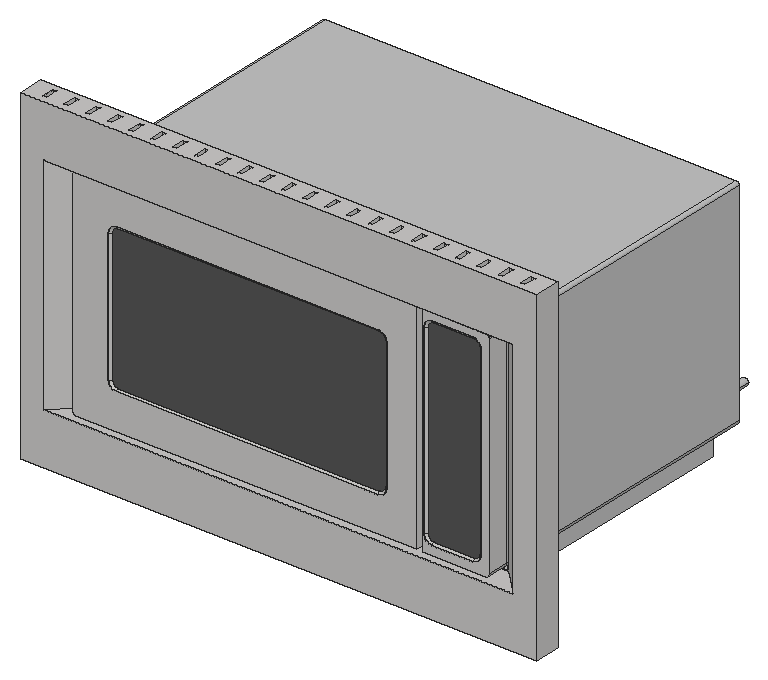
Revit family "FP_Revit_18_MO-24SS-2_w_MOTTK30SS_Microwave_w_Trimkit_90000929A", category Specialty Equipment, Revit 2018
Family settings
  Round Connector Dimension = Use Diameter
  Part Type = Normal
  OmniClass Number = 23.40.40.14.17.31
  OmniClass Title = Small Specialized Cooking Equipment
  Work Plane-Based = No
  Always vertical = Yes
  Cut with Voids When Loaded = Yes
  Shared = No
  Room Calculation Point = No
Parameters
  Visibility - Clearance Required = yes
  URL = "www.fisherpaykel.com"
  Product - Width = 754 mm
  Product - Height = 479 mm
  Product - Depth = 490 mm
  Model = "MO-24SS-2 + MOTTK-30SS"
  Material - Glass = Fisher & Paykel - Glass, Black
  Material - Front = Fisher & Paykel - Stainless Steel
  Material - Body = Fisher & Paykel - Grey
  Manufacturer = "Fisher & Paykel Appliances"
  FFL Offset [instance] = 860 mm
  Description = "MO-24SS-2 Microwave + MOTTK-30SS Trimkit"
  Connector Description - Electrical = "120 V, 60 Hz, 15 A"
  Chassis - Width = 629 mm
  Chassis - Height = 395 mm
  Chassis - Depth = 452 mm
  Cavity - Width = 629 mm
  Cavity - Height = 432 mm
  Cavity - Depth = 508 mm
Reference planes
  plane 1 "Datum": y = 0
  plane 2: z = 0
  plane 3 "Center (Left/Right)": x = 0
  plane 4 "FFL Offset": z = 860
  plane 5 "Product - Depth": y = 452
  plane 6 "Cavity - Depth": y = 508
Forms (mm)
  Extrusion 1, void
    sketch origin (0, 0, 0) x (0, 1, 0) y (0, 0, 1)
      loop
        line (0, 1291.987) -> (0, 859.987) -> (508, 859.987) -> (508, 1291.987) -> (0, 1291.987)
    from -314.5 to 314.5
Text (mm)
  text "Due to ongoing product development, product details are subject to change without notice. \nPlease always refer to www.fisherpaykel.com for the most current product information. \n© Fisher & Paykel 2020" at (39.334, -111.952, 0), in view "Ref. Level (Plan)"
Dimensions and locks
  "FFL Offset": plane 4 "FFL Offset" to level
  "Cavity - Depth": plane 6 "Cavity - Depth" to plane 1 "Datum"
  "Chassis - Depth": plane 1 "Datum" to plane 5 "Product - Depth"
  "Cavity - Width": Extrusion 1 to Extrusion 1
  equal spacing: Extrusion 1, plane 3 "Center (Left/Right)", Extrusion 1
  nested 2 to nested 2 = 754 mm
  nested 1 to plane 5 "Product - Depth" = 485 mm
  locked: nested 1 to plane 4 "FFL Offset" at 59.145
  aligned and locked: level to plane 2
  aligned and locked: plane 1 "Datum" to nested 2
  aligned and locked: nested 2 to plane 4 "FFL Offset"
  aligned and locked: plane 6 "Cavity - Depth" to nested 2
  aligned and locked: Extrusion 1 sketch curve to nested 2  (x4)
Nested families
  nested 1: "FP_Revit_18_MO-24SS-2_Microwave_90000929A" at (0, -33, 888.62), type "FP_Revit_18_MO-24SS-2_Microwave_90000929A"
    with FFL Offset 8.3 mm
  nested 2: "FP_Revit_18_MOTTK-30SS_Trimkit_90001191A" at (0, 0, 860), type "FP_Revit_18_MOTTK-30SS_Trimkit_90001191A"
    with FFL Offset 0 mm
Connectors
  electrical at (289.33, 452, 957.16), driven by "Connector Description - Electrical"
    settings: on nested 1, index 3, voltage 120 V, apparent load 0 VA, apparent load phase1 0 VA, apparent load phase2 0 VA, apparent load phase3 0 VA, power factor 1, load classification "Other", number of poles 1, system type 30, power factor state 1, is connector primary yes, connector utility no, sub classification motor no, connector description "120 V, 60 Hz, 15 A"
Definition of nested family "FP_Revit_18_MO-24SS-2_Microwave_90000929A"
  Parameters (values of type "FP_Revit_18_MO-24SS-2_Microwave_90000929A")
    Visibility - Clearance Required = yes
    URL = "www.fisherpaykel.com"
    Product - Width = 609 mm  # constant formula
    Product - Height = 340 mm  # constant formula
    Product - Depth = 485 mm  # constant formula
    Model = "MO-24SS-2"
    Material - Glass = none
    Material - Front = none
    Material - Body = none
    Manufacturer = "Fisher & Paykel Appliances"
    FFL Offset [instance] = 860 mm
    Description = "24\" Microwave"
    Connector Note - Electrical = "120 V, 60 Hz, 15 A"
  Reference planes
    plane 1 "Datum": y = 0
    plane 2: z = 0
    plane 3 "Center (Left/Right)": x = 0
    plane 4 "Top": z = 1200
    plane 5 "Product LHS": x = -304.5
    plane 6 "Product RHS": x = 304.5
    plane 7 "Product - Depth": y = 485
    plane 8 "FFL Offset": z = 860
    plane 9 "Base": z = 882.225
  Forms (mm)
    Extrusion 1, solid, material <- "Material - Front"
      sketch origin (0, 0, 0) x (1, 0, 0) y (0, 0, 1)
        loop
          arc (-299.5, 1200) -> (-303.036, 1198.536) -> (-304.5, 1195) r 5
          line (-304.5, 1195) -> (-304.5, 887.225)
          arc (-304.5, 887.225) -> (-303.036, 883.689) -> (-299.5, 882.225) r 5
          line (-299.5, 882.225) -> (299.5, 882.225)
          arc (299.5, 882.225) -> (303.036, 883.689) -> (304.5, 887.225) r 5
          line (304.5, 887.225) -> (304.5, 1195)
          arc (304.5, 1195) -> (303.036, 1198.536) -> (299.5, 1200) r 5
          line (299.5, 1200) -> (-299.5, 1200)
        loop
          arc (-240.72, 1149.623) -> (-249.205, 1146.109) -> (-252.72, 1137.623) r 12
          line (-252.72, 1137.623) -> (-252.72, 945.723)
          arc (-252.72, 945.723) -> (-249.205, 937.238) -> (-240.72, 933.723) r 12
          line (-240.72, 933.723) -> (141.68, 933.723)
          arc (141.68, 933.723) -> (150.165, 937.238) -> (153.68, 945.723) r 12
          line (153.68, 945.723) -> (153.68, 1137.623)
          arc (153.68, 1137.623) -> (150.165, 1146.109) -> (141.68, 1149.623) r 12
          line (141.68, 1149.623) -> (-240.72, 1149.623)
        loop
          arc (220.29, 1188.422) -> (211.805, 1184.907) -> (208.29, 1176.422) r 12
          line (208.29, 1176.422) -> (208.29, 906.925)
          arc (208.29, 906.925) -> (211.805, 898.44) -> (220.29, 894.925) r 12
          line (220.29, 894.925) -> (279.63, 894.925)
          arc (279.63, 894.925) -> (288.115, 898.44) -> (291.63, 906.925) r 12
          line (291.63, 906.925) -> (291.63, 1176.422)
          arc (291.63, 1176.422) -> (288.115, 1184.907) -> (279.63, 1188.422) r 12
          line (279.63, 1188.422) -> (220.29, 1188.422)
      from -30.162 to 0
    Extrusion 2, void
      sketch origin (0, 0, 0) x (1, 0, 0) y (0, 1, 0)
        loop
          line (200.353, 30.162) -> (197.714, 0) -> (206.166, 0) -> (203.528, 30.162) -> (200.353, 30.162)
      from 860 to 1200
    Extrusion 3, solid, material <- "Material - Glass"
      sketch origin (0, 0, 0) x (1, 0, 0) y (0, 0, 1)
        loop
          arc (-240.72, 1149.623) -> (-249.205, 1146.109) -> (-252.72, 1137.623) r 12
          line (-252.72, 1137.623) -> (-252.72, 945.723)
          arc (-252.72, 945.723) -> (-249.205, 937.238) -> (-240.72, 933.723) r 12
          line (-240.72, 933.723) -> (141.68, 933.723)
          arc (141.68, 933.723) -> (150.165, 937.238) -> (153.68, 945.723) r 12
          line (153.68, 945.723) -> (153.68, 1137.623)
          arc (153.68, 1137.623) -> (150.165, 1146.109) -> (141.68, 1149.623) r 12
          line (141.68, 1149.623) -> (-240.72, 1149.623)
        loop
          line (278.84, 1188.422) -> (220.29, 1188.422)
          arc (220.29, 1188.422) -> (211.805, 1184.907) -> (208.29, 1176.422) r 12
          line (208.29, 1176.422) -> (208.29, 906.925)
          arc (208.29, 906.925) -> (211.805, 898.44) -> (220.29, 894.925) r 12
          line (220.29, 894.925) -> (278.84, 894.925)
          arc (278.84, 894.925) -> (287.325, 898.44) -> (290.84, 906.925) r 12
          line (290.84, 906.925) -> (290.84, 1176.422)
          arc (290.84, 1176.422) -> (287.325, 1184.907) -> (278.84, 1188.422) r 12
      from -30.162 to -3.175
    Extrusion 4, solid, material <- "Material - Body"
      sketch origin (0, 0, 0) x (1, 0, 0) y (0, 0, 1)
        loop
          arc (-299.5, 1200) -> (-303.036, 1198.536) -> (-304.5, 1195) r 5
          line (-304.5, 1195) -> (-304.5, 887.225)
          arc (-304.5, 887.225) -> (-303.036, 883.689) -> (-299.5, 882.225) r 5
          line (-299.5, 882.225) -> (299.5, 882.225)
          arc (299.5, 882.225) -> (303.036, 883.689) -> (304.5, 887.225) r 5
          line (304.5, 887.225) -> (304.5, 1195)
          arc (304.5, 1195) -> (303.036, 1198.536) -> (299.5, 1200) r 5
          line (299.5, 1200) -> (-299.5, 1200)
      from -455.232 to -30.162
    Extrusion 5, solid, material <- "Material - Body"
      sketch origin (0, 0, 0) x (1, 0, 0) y (0, 1, 0)
        loop
          circle (-265.42, 93.98) r 6.002
        loop
          circle (-265.42, 385.445) r 6
        loop
          circle (231.447, 93.98) r 6.002
        loop
          circle (231.447, 385.445) r 6
      from 860 to 865.8
    Extrusion 6, solid, material <- "Material - Body"
      sketch origin (0, 0, 0) x (1, 0, 0) y (0, 0, 1)
        loop
          line (96.984, 1120.391) -> (-211.264, 1120.391)
          arc (-211.264, 1120.391) -> (-212.678, 1119.805) -> (-213.264, 1118.391) r 2
          line (-213.264, 1118.391) -> (-213.264, 966.353)
          arc (-213.264, 966.353) -> (-212.678, 964.939) -> (-211.264, 964.353) r 2
          line (-211.264, 964.353) -> (96.984, 964.353)
          arc (96.984, 964.353) -> (98.398, 964.939) -> (98.984, 966.353) r 2
          line (98.984, 966.353) -> (98.984, 1118.391)
          arc (98.984, 1118.391) -> (98.398, 1119.805) -> (96.984, 1120.391) r 2
      from -485 to -455.232
    Extrusion 7, solid, material <- "Material - Body"
      sketch origin (0, 0, 0) x (1, 0, 0) y (0, 0, 1)
        loop
          circle (289.33, 920.24) r 5
      from -485 to -455.232
    Extrusion 8, solid, material <- "Material - Body"
      sketch origin (0, 0, 0) x (1, 0, 0) y (0, 1, 0)
        loop
          arc (-264.98, 403.987) -> (-278.402, 398.427) -> (-283.962, 385.005) r 18.982
          line (-283.962, 385.005) -> (-283.962, 94.438)
          arc (-283.962, 94.438) -> (-278.397, 81.003) -> (-264.962, 75.438) r 19
          line (-264.962, 75.438) -> (230.99, 75.438)
          arc (230.99, 75.438) -> (244.425, 81.003) -> (249.99, 94.438) r 19
          line (249.99, 94.438) -> (249.99, 384.987)
          arc (249.99, 384.987) -> (244.425, 398.422) -> (230.99, 403.987) r 19
          line (230.99, 403.987) -> (-264.98, 403.987)
      from 865.8 to 882.225
    Sweep 9, solid, material <- "Material - Body", detail levels fine
      path in 3D
        loop
          arc (230.99, 403.987, 865.8) -> (244.425, 398.422, 865.8) -> (249.99, 384.987, 865.8) r 19
          line (249.99, 384.987, 865.8) -> (249.99, 94.438, 865.8)
          arc (249.99, 94.438, 865.8) -> (244.425, 81.003, 865.8) -> (230.99, 75.438, 865.8) r 19
          line (230.99, 75.438, 865.8) -> (-264.962, 75.438, 865.8)
          arc (-264.962, 75.438, 865.8) -> (-278.397, 81.003, 865.8) -> (-283.962, 94.438, 865.8) r 19
          line (-283.962, 94.438, 865.8) -> (-283.962, 385.005, 865.8)
          arc (-283.962, 385.005, 865.8) -> (-278.402, 398.427, 865.8) -> (-264.98, 403.987, 865.8) r 18.982
          line (-264.98, 403.987, 865.8) -> (230.99, 403.987, 865.8)
      profile origin (-16.995, 403.987, 865.8) x (0, -1, 0) y (0, 0, -1)
        loop
          line (0, 0) -> (-16.383, -16.383) -> (0, -16.383) -> (0, 0)
    Sweep 10, solid, material <- "Material - Body", detail levels fine
      path in 3D
        loop
          arc (98.984, 485, 966.353) -> (98.398, 485, 964.939) -> (96.984, 485, 964.353) r 2
          line (96.984, 485, 964.353) -> (-211.264, 485, 964.353)
          arc (-211.264, 485, 964.353) -> (-212.678, 485, 964.939) -> (-213.264, 485, 966.353) r 2
          line (-213.264, 485, 966.353) -> (-213.264, 485, 1118.391)
          arc (-213.264, 485, 1118.391) -> (-212.678, 485, 1119.805) -> (-211.264, 485, 1120.391) r 2
          line (-211.264, 485, 1120.391) -> (96.984, 485, 1120.391)
          arc (96.984, 485, 1120.391) -> (98.398, 485, 1119.805) -> (98.984, 485, 1118.391) r 2
          line (98.984, 485, 1118.391) -> (98.984, 485, 966.353)
      profile origin (98.984, 485, 1042.372) x (1, 0, 0) y (0, 1, 0)
        loop
          line (0, 0) -> (0, -29.768) -> (29.768, -29.768) -> (0, 0)
    Extrusion 11, solid, material <- "Material - Body"
      sketch origin (0, 0, 0) x (0, 1, 0) y (0, 0, 1)
        loop
          line (455.232, 1161.122) -> (455.232, 1126.122) -> (485, 1126.122) -> (485, 1144.088) -> (472.394, 1144.088) -> (462.231, 1161.122) -> (455.232, 1161.122)
      from 198.54 to 223.54
    Extrusion 12, solid, material <- "Material - Body"
      sketch origin (0, 0, 0) x (1, 0, 0) y (0, 1, 0)
        loop
          circle (211.04, 463.813) r 4.95
      from 1021.1 to 1126.122
    Extrusion 13, void
      sketch origin (0, 0, 0) x (1, 0, 0) y (0, 1, 0)
        loop
          line (-304.5, 485) -> (-304.5, 0) -> (304.5, 0) -> (304.5, 485) -> (-304.5, 485)
      from 860 to 1200
    Sweep 14, solid, material <- "Material - Front", detail levels fine
      path in 3D
        loop
          arc (-252.72, 0, 1137.623) -> (-249.205, 0, 1146.109) -> (-240.72, 0, 1149.623) r 12
          line (-240.72, 0, 1149.623) -> (141.68, 0, 1149.623)
          arc (141.68, 0, 1149.623) -> (150.165, 0, 1146.109) -> (153.68, 0, 1137.623) r 12
          line (153.68, 0, 1137.623) -> (153.68, 0, 945.723)
          arc (153.68, 0, 945.723) -> (150.165, 0, 937.238) -> (141.68, 0, 933.723) r 12
          line (141.68, 0, 933.723) -> (-240.72, 0, 933.723)
          arc (-240.72, 0, 933.723) -> (-249.205, 0, 937.238) -> (-252.72, 0, 945.723) r 12
          line (-252.72, 0, 945.723) -> (-252.72, 0, 1137.623)
      profile origin (-252.72, 0, 1041.673) x (0, -1, 0) y (1, 0, 0)
        loop
          line (0, 0) -> (-3.175, 3.175) -> (-3.175, 0) -> (0, 0)
    Sweep 15, solid, material <- "Material - Front", detail levels fine
      path in 3D
        loop
          arc (208.29, 0, 1176.422) -> (211.805, 0, 1184.907) -> (220.29, 0, 1188.422) r 12
          line (220.29, 0, 1188.422) -> (279.63, 0, 1188.422)
          arc (279.63, 0, 1188.422) -> (288.115, 0, 1184.907) -> (291.63, 0, 1176.422) r 12
          line (291.63, 0, 1176.422) -> (291.63, 0, 906.925)
          arc (291.63, 0, 906.925) -> (288.115, 0, 898.44) -> (279.63, 0, 894.925) r 12
          line (279.63, 0, 894.925) -> (220.29, 0, 894.925)
          arc (220.29, 0, 894.925) -> (211.805, 0, 898.44) -> (208.29, 0, 906.925) r 12
          line (208.29, 0, 906.925) -> (208.29, 0, 1176.422)
      profile origin (208.29, 0, 1041.673) x (0, -1, 0) y (1, 0, 0)
        loop
          line (0, 0) -> (-3.175, 3.175) -> (-3.175, 0) -> (0, 0)
  Cuts and joins
    joined: Extrusion 6, Extrusion 8
    Extrusion 2 cuts Extrusion 1
  Lines and regions (mm)
    sketch lines
      curve 1: line (-264.98, 403.987, 865.8) -> (230.99, 403.987, 865.8)
      curve 2: arc (-264.98, 403.987, 865.8) -> (-278.402, 398.427, 865.8) -> (-283.962, 385.005, 865.8) r 18.982
      curve 3: line (-283.962, 94.438, 865.8) -> (-283.962, 385.005, 865.8)
      curve 4: arc (-283.962, 94.438, 865.8) -> (-278.397, 81.003, 865.8) -> (-264.962, 75.438, 865.8) r 19
      curve 5: line (230.99, 75.438, 865.8) -> (-264.962, 75.438, 865.8)
      curve 6: arc (230.99, 75.438, 865.8) -> (244.425, 81.003, 865.8) -> (249.99, 94.438, 865.8) r 19
      curve 7: line (249.99, 384.987, 865.8) -> (249.99, 94.438, 865.8)
      curve 8: arc (249.99, 384.987, 865.8) -> (244.425, 398.422, 865.8) -> (230.99, 403.987, 865.8) r 19
      curve 9: line (98.984, 485, 1118.391) -> (98.984, 485, 966.353)
      curve 10: line (96.984, 485, 964.353) -> (-211.264, 485, 964.353)
      curve 11: arc (96.984, 485, 964.353) -> (98.398, 485, 964.939) -> (98.984, 485, 966.353) r 2
      curve 12: arc (-213.264, 485, 966.353) -> (-212.678, 485, 964.939) -> (-211.264, 485, 964.353) r 2
      curve 13: line (-213.264, 485, 966.353) -> (-213.264, 485, 1118.391)
      curve 14: arc (-211.264, 485, 1120.391) -> (-212.678, 485, 1119.805) -> (-213.264, 485, 1118.391) r 2
      curve 15: line (-211.264, 485, 1120.391) -> (96.984, 485, 1120.391)
      curve 16: arc (98.984, 485, 1118.391) -> (98.398, 485, 1119.805) -> (96.984, 485, 1120.391) r 2
      curve 17: line (-252.72, 0, 945.723) -> (-252.72, 0, 1137.623)
      curve 18: arc (-240.72, 0, 1149.623) -> (-249.205, 0, 1146.109) -> (-252.72, 0, 1137.623) r 12
      curve 19: line (-240.72, 0, 1149.623) -> (141.68, 0, 1149.623)
      curve 20: arc (153.68, 0, 1137.623) -> (150.165, 0, 1146.109) -> (141.68, 0, 1149.623) r 12
      curve 21: line (153.68, 0, 1137.623) -> (153.68, 0, 945.723)
      curve 22: arc (141.68, 0, 933.723) -> (150.165, 0, 937.238) -> (153.68, 0, 945.723) r 12
      curve 23: line (141.68, 0, 933.723) -> (-240.72, 0, 933.723)
      curve 24: arc (-252.72, 0, 945.723) -> (-249.205, 0, 937.238) -> (-240.72, 0, 933.723) r 12
      curve 25: line (208.29, 0, 906.925) -> (208.29, 0, 1176.422)
      curve 26: arc (220.29, 0, 1188.422) -> (211.805, 0, 1184.907) -> (208.29, 0, 1176.422) r 12
      curve 27: line (220.29, 0, 1188.422) -> (279.63, 0, 1188.422)
      curve 28: arc (291.63, 0, 1176.422) -> (288.115, 0, 1184.907) -> (279.63, 0, 1188.422) r 12
      curve 29: line (291.63, 0, 1176.422) -> (291.63, 0, 906.925)
      curve 30: arc (279.63, 0, 894.925) -> (288.115, 0, 898.44) -> (291.63, 0, 906.925) r 12
      curve 31: line (279.63, 0, 894.925) -> (220.29, 0, 894.925)
      curve 32: arc (208.29, 0, 906.925) -> (211.805, 0, 898.44) -> (220.29, 0, 894.925) r 12
  Text (mm)
    text "Due to ongoing product development, product details are subject to change without notice. \nPlease always refer to www.fisherpaykel.com for the most current product information. \n© Fisher & Paykel 2020" at (41.04, -230.14, 0), in view "Ref. Level (Plan)"
  Dimensions and locks
    equal spacing: plane 5 "Product LHS", plane 3 "Center (Left/Right)", plane 6 "Product RHS"
    "Product - Width": plane 5 "Product LHS" to plane 6 "Product RHS"
    "Product - Depth": plane 1 "Datum" to plane 7 "Product - Depth"
    "FFL Offset": plane 8 "FFL Offset" to level
    locked: cut or joined group of Extrusion 6, Extrusion 8 to plane 8 "FFL Offset" at 104.353
    locked: plane 8 "FFL Offset" to cut or joined group of Extrusion 6, Extrusion 8 at 5.8
    locked: plane 8 "FFL Offset" to Extrusion 7 sketch curve at 60.24
    locked: Extrusion 12 to plane 8 "FFL Offset" at 161.1
    "Product - Height": plane 4 "Top" to plane 8 "FFL Offset"
    locked: plane 8 "FFL Offset" to plane 9 "Base" at 22.225
    locked: Extrusion 11 to plane 8 "FFL Offset" at 266.122
    plane 9 "Base" to cut or joined group of Extrusion 6, Extrusion 8 = 0 mm
    aligned and locked: level to plane 2
    aligned and locked: Extrusion 1 sketch curve to plane 5 "Product LHS"
    aligned and locked: plane 6 "Product RHS" to Extrusion 1 sketch curve
    aligned and locked: Extrusion 7 to plane 7 "Product - Depth"
    aligned and locked: Extrusion 5 to cut or joined group of Extrusion 6, Extrusion 8
    aligned and locked: Extrusion 1 sketch curve to plane 4 "Top"
    aligned and locked: Extrusion 1 sketch curve to plane 9 "Base"
    aligned and locked: plane 4 "Top" to Extrusion 2
    aligned and locked: Extrusion 5 to Extrusion 2
    aligned and locked: Extrusion 12 to Extrusion 11
    aligned and locked: Extrusion 5 to plane 8 "FFL Offset"
    aligned and locked: Extrusion 4 sketch curve to plane 9 "Base"
    aligned and locked: Extrusion 8 to Extrusion 4
    aligned and locked: Extrusion 3 sketch curve to cut or joined group of Extrusion 1, Extrusion 2
    aligned and locked: cut or joined group of Extrusion 1, Extrusion 2 to Extrusion 3 sketch curve
    aligned and locked: plane 4 "Top" to Extrusion 13
    aligned and locked: Extrusion 13 to Extrusion 5
    aligned and locked: Sweep 14 sketch curve to Extrusion 3
    aligned and locked: Extrusion 3 to Sweep 15 sketch curve
  Automatic sketch dimensions
    plane 1 "Datum" to Extrusion 2 sketch curve = 0 mm
    plane 6 "Product RHS" to Extrusion 2 sketch curve = 106.786 mm
    Extrusion 2 sketch curve to plane 1 "Datum" = 30.162 mm
    Extrusion 2 sketch curve to Extrusion 2 sketch curve = 2.639 mm
    Extrusion 2 sketch curve to Extrusion 2 sketch curve = 3.175 mm
    Extrusion 2 sketch curve to Extrusion 2 sketch curve = 8.453 mm
    Extrusion 8 sketch curve to plane 5 "Product LHS" = 20.538 mm
    Extrusion 8 sketch curve to Extrusion 8 sketch curve = 18.982 mm
    Extrusion 8 sketch curve to Extrusion 8 sketch curve = 19 mm  (x2)
    plane 6 "Product RHS" to Extrusion 8 sketch curve = 73.51 mm  (x2)
    Extrusion 8 sketch curve to plane 1 "Datum" = 75.438 mm
    Extrusion 8 sketch curve to plane 7 "Product - Depth" = 100.013 mm
    Extrusion 5 sketch curve to plane 5 "Product LHS" = 39.08 mm  (x2)
    plane 6 "Product RHS" to Extrusion 5 sketch curve = 73.053 mm  (x2)
    Extrusion 5 sketch curve to plane 1 "Datum" = 93.98 mm  (x2)
    Extrusion 5 sketch curve to plane 7 "Product - Depth" = 99.555 mm  (x2)
    Extrusion 6 sketch curve to plane 5 "Product LHS" = 91.236 mm
    Extrusion 6 sketch curve to Extrusion 6 sketch curve = 2 mm  (x3)
    plane 3 "Center (Left/Right)" to Extrusion 6 sketch curve = 96.984 mm  (x2)
    level to Extrusion 6 sketch curve = 964.353 mm
    Extrusion 6 sketch curve to plane 4 "Top" = 81.609 mm
    Sweep 9 sketch curve to profile plane = 0 mm
    profile plane to Sweep 9 sketch curve = 0 mm
    profile plane to Sweep 9 sketch curve = 16.383 mm
    Sweep 9 sketch curve to profile plane = 16.383 mm
    Sweep 10 sketch curve to profile plane = 0 mm
    profile plane to Sweep 10 sketch curve = 0 mm
    profile plane to Sweep 10 sketch curve = 29.768 mm  (x2)
    Extrusion 11 sketch curve to plane 7 "Product - Depth" = 0 mm
    Extrusion 11 sketch curve to Extrusion 11 sketch curve = 12.606 mm
    Extrusion 11 sketch curve to Extrusion 11 sketch curve = 10.162 mm
    Extrusion 11 sketch curve to Extrusion 11 sketch curve = 7 mm
    Extrusion 11 sketch curve to plane 4 "Top" = 73.878 mm
    Extrusion 11 sketch curve to Extrusion 11 sketch curve = 17.966 mm
    Extrusion 11 sketch curve to Extrusion 11 sketch curve = 17.034 mm
    Extrusion 12 sketch curve to plane 7 "Product - Depth" = 21.187 mm
    plane 6 "Product RHS" to Extrusion 12 sketch curve = 93.46 mm
    plane 6 "Product RHS" to Extrusion 7 sketch curve = 15.17 mm
    plane 1 "Datum" to Extrusion 13 sketch curve = 0 mm
    Extrusion 13 sketch curve to plane 5 "Product LHS" = 0 mm
    Extrusion 13 sketch curve to plane 6 "Product RHS" = 0 mm
    Extrusion 13 sketch curve to plane 7 "Product - Depth" = 0 mm
    Extrusion 1 sketch curve to plane 5 "Product LHS" = 5 mm  (x2)
    Extrusion 1 sketch curve to plane 5 "Product LHS" = 51.78 mm
    Extrusion 1 sketch curve to Extrusion 1 sketch curve = 12 mm  (x5)
    Extrusion 1 sketch curve to plane 4 "Top" = 50.377 mm
    plane 3 "Center (Left/Right)" to Extrusion 1 sketch curve = 141.68 mm  (x2)
    Extrusion 1 sketch curve to plane 4 "Top" = 23.578 mm
    Extrusion 1 sketch curve to Extrusion 1 sketch curve = 54.61 mm
    Extrusion 1 sketch curve to plane 4 "Top" = 11.578 mm
    Extrusion 1 sketch curve to plane 9 "Base" = 12.7 mm
    plane 6 "Product RHS" to Extrusion 1 sketch curve = 24.87 mm  (x2)
    plane 6 "Product RHS" to Extrusion 1 sketch curve = 5 mm  (x2)
    Extrusion 1 sketch curve to plane 9 "Base" = 51.498 mm
    plane 5 "Product LHS" to Extrusion 4 sketch curve = 0 mm
    Extrusion 4 sketch curve to plane 4 "Top" = 0 mm
    plane 6 "Product RHS" to Extrusion 4 sketch curve = 0 mm
    Extrusion 4 sketch curve to plane 5 "Product LHS" = 5 mm  (x2)
    Extrusion 4 sketch curve to Extrusion 4 sketch curve = 5 mm
    plane 6 "Product RHS" to Extrusion 4 sketch curve = 5 mm
    Extrusion 3 sketch curve to plane 5 "Product LHS" = 51.78 mm
    Extrusion 3 sketch curve to Extrusion 3 sketch curve = 12 mm  (x5)
    Extrusion 3 sketch curve to plane 9 "Base" = 63.498 mm
    plane 3 "Center (Left/Right)" to Extrusion 3 sketch curve = 141.68 mm
    Extrusion 3 sketch curve to plane 4 "Top" = 23.578 mm
    Extrusion 3 sketch curve to Extrusion 3 sketch curve = 54.61 mm
    Extrusion 3 sketch curve to plane 4 "Top" = 11.578 mm
    plane 6 "Product RHS" to Extrusion 3 sketch curve = 25.66 mm  (x2)
    Extrusion 3 sketch curve to plane 4 "Top" = 62.377 mm
    Sweep 14 sketch curve to profile plane = 0 mm  (x2)
    profile plane to Sweep 14 sketch curve = 3.175 mm
    Sweep 15 sketch curve to profile plane = 0 mm  (x2)
    profile plane to Sweep 15 sketch curve = 3.175 mm
    radius of Extrusion 7 sketch curve = 5 mm
    radius of Extrusion 5 sketch curve = 6.002 mm  (x2)
    radius of Extrusion 5 sketch curve = 6 mm  (x2)
    radius of Extrusion 12 sketch curve = 4.95 mm
  Connectors
    electrical at (289.33, 485, 920.24), driven by "Connector Note - Electrical"
      settings: on Extrusion 7, index 1, voltage 120 V, apparent load 0 VA, apparent load phase1 0 VA, apparent load phase2 0 VA, apparent load phase3 0 VA, power factor 1, load classification none, number of poles 1, system type 30, power factor state 1, is connector primary yes, connector utility no, sub classification motor no, connector description "120 V, 60 Hz, 15 A"
Definition of nested family "FP_Revit_18_MOTTK-30SS_Trimkit_90001191A"
  Parameters (values of type "FP_Revit_18_MOTTK-30SS_Trimkit_90001191A")
    Visibility - Clearance Required = yes
    URL = "www.fisherpaykel.com"
    Product - Width = 754 mm  # constant formula
    Product - Height = 479 mm  # constant formula
    Product - Depth = 469 mm  # constant formula
    Model = "CMOTTK-30SS"
    Material - Trim = none
    Material - Body = none
    Manufacturer = "Fisher & Paykel Appliances"
    FFL Offset [instance] = 860 mm
    Description = "Microwave Trim Kit"
    Cavity - Width = 629 mm  # constant formula
    Cavity - Height = 432 mm  # constant formula
    Cavity - Depth = 508 mm  # constant formula
  Reference planes
    plane 1 "Datum": y = 0
    plane 2: z = 0
    plane 3 "Center (Left/Right)": x = 0
    plane 4 "Product LHS": x = -377
    plane 5 "Product RHS": x = 377
    plane 6 "Product - Depth": y = 508
    plane 7 "Trim": z = 838.287
    plane 8 "Top": z = 1317.287
    plane 9 "Base": z = 860
  Forms (mm)
    Extrusion 1, solid, material <- "Material - Body"
      sketch origin (0, 0, 0) x (1, 0, 0) y (0, 0, 1)
        loop
          line (-261.259, 896.92) -> (-261.259, 859.987) -> (261.27, 859.987) -> (261.27, 896.92) -> (-261.259, 896.92)
      from -428.879 to -9.525
    Extrusion 2, solid, material <- "Material - Trim"
      sketch origin (0, 0, 0) x (1, 0, 0) y (0, 0, 1)
        loop
          line (-377, 1317.287) -> (-377, 838.287) -> (377, 838.287) -> (377, 1317.287) -> (-377, 1317.287)
      from 0 to 38.1
    Extrusion 3, solid, material <- "Material - Body"
      sketch origin (0, 0, 0) x (1, 0, 0) y (0, 0, 1)
        loop
          line (-304.699, 1241.487) -> (-304.699, 914.487) -> (304.698, 914.487) -> (304.698, 1241.487) -> (-304.699, 1241.487)
        loop
          line (-314.5, 859.987) -> (314.5, 859.987) -> (314.5, 1254.513) -> (-314.5, 1254.513) -> (-314.5, 859.987)
      from -9.525 to 0
    Extrusion 4, void
      sketch origin (0, 0, 0) x (1, 0, 0) y (0, 1, 0)
        loop
          line (-342.796, -38.1) -> (342.796, -38.1) -> (304.696, 0) -> (-304.696, 0) -> (-342.796, -38.1)
      from 914.487 to 1241.487
    Extrusion 5, void
      sketch origin (0, 0, 0) x (1, 0, 0) y (0, 1, 0)
        loop
          line (-352.425, -9.525) -> (-352.425, -28.575) -> (-346.075, -28.575) -> (-346.075, -9.525) -> (-352.425, -9.525)
        loop
          line (-320.675, -9.525) -> (-320.675, -28.575) -> (-314.325, -28.575) -> (-314.325, -9.525) -> (-320.675, -9.525)
        loop
          line (-288.925, -9.525) -> (-288.925, -28.575) -> (-282.575, -28.575) -> (-282.575, -9.525) -> (-288.925, -9.525)
        loop
          line (-257.175, -9.525) -> (-257.175, -28.575) -> (-250.825, -28.575) -> (-250.825, -9.525) -> (-257.175, -9.525)
        loop
          line (-225.425, -9.525) -> (-225.425, -28.575) -> (-219.075, -28.575) -> (-219.075, -9.525) -> (-225.425, -9.525)
        loop
          line (-193.675, -9.525) -> (-193.675, -28.575) -> (-187.325, -28.575) -> (-187.325, -9.525) -> (-193.675, -9.525)
        loop
          line (-161.925, -9.525) -> (-161.925, -28.575) -> (-155.575, -28.575) -> (-155.575, -9.525) -> (-161.925, -9.525)
        loop
          line (-130.175, -9.525) -> (-130.175, -28.575) -> (-123.825, -28.575) -> (-123.825, -9.525) -> (-130.175, -9.525)
        loop
          line (-98.425, -9.525) -> (-98.425, -28.575) -> (-92.075, -28.575) -> (-92.075, -9.525) -> (-98.425, -9.525)
        loop
          line (-66.675, -9.525) -> (-66.675, -28.575) -> (-60.325, -28.575) -> (-60.325, -9.525) -> (-66.675, -9.525)
        loop
          line (-34.925, -9.525) -> (-34.925, -28.575) -> (-28.575, -28.575) -> (-28.575, -9.525) -> (-34.925, -9.525)
        loop
          line (-3.175, -9.525) -> (-3.175, -28.575) -> (3.175, -28.575) -> (3.175, -9.525) -> (-3.175, -9.525)
        loop
          line (352.425, -9.525) -> (346.075, -9.525) -> (346.075, -28.575) -> (352.425, -28.575) -> (352.425, -9.525)
        loop
          line (320.675, -9.525) -> (314.325, -9.525) -> (314.325, -28.575) -> (320.675, -28.575) -> (320.675, -9.525)
        loop
          line (288.925, -9.525) -> (282.575, -9.525) -> (282.575, -28.575) -> (288.925, -28.575) -> (288.925, -9.525)
        loop
          line (257.175, -9.525) -> (250.825, -9.525) -> (250.825, -28.575) -> (257.175, -28.575) -> (257.175, -9.525)
        loop
          line (225.425, -9.525) -> (219.075, -9.525) -> (219.075, -28.575) -> (225.425, -28.575) -> (225.425, -9.525)
        loop
          line (193.675, -9.525) -> (187.325, -9.525) -> (187.325, -28.575) -> (193.675, -28.575) -> (193.675, -9.525)
        loop
          line (161.925, -9.525) -> (155.575, -9.525) -> (155.575, -28.575) -> (161.925, -28.575) -> (161.925, -9.525)
        loop
          line (130.175, -9.525) -> (123.825, -9.525) -> (123.825, -28.575) -> (130.175, -28.575) -> (130.175, -9.525)
        loop
          line (98.425, -9.525) -> (92.075, -9.525) -> (92.075, -28.575) -> (98.425, -28.575) -> (98.425, -9.525)
        loop
          line (66.675, -9.525) -> (60.325, -9.525) -> (60.325, -28.575) -> (66.675, -28.575) -> (66.675, -9.525)
        loop
          line (34.925, -9.525) -> (28.575, -9.525) -> (28.575, -28.575) -> (34.925, -28.575) -> (34.925, -9.525)
      from 1288.287 to 1317.287
    Extrusion 6, solid, visible <- "Visibility - Clearance Required", detail levels coarse
      sketch origin (0, 0, 0) x (1, 0, 0) y (0, 1, 0)
        loop
          line (-314.5, 508) -> (-314.5, 0) -> (314.5, 0) -> (314.5, 508) -> (-314.5, 508)
      from 859.987 to 1291.987
    Extrusion 7, void
      sketch origin (0, 0, 0) x (1, 0, 0) y (0, 1, 0)
        loop
          line (-314.325, 508) -> (-314.325, 0) -> (314.325, 0) -> (314.325, 508) -> (-314.325, 508)
      from 859.987 to 1291.987
    Extrusion 8, solid, material <- "Material - Body"
      sketch origin (0, 0, 0) x (1, 0, 0) y (0, 0, 1)
        loop
          line (-209.376, 859.987) -> (209.09, 859.987) -> (209.09, 917.399)
          arc (209.09, 917.399) -> (207.332, 921.641) -> (203.09, 923.399) r 6
          line (203.09, 923.399) -> (-203.376, 923.399)
          arc (-203.376, 923.399) -> (-207.618, 921.641) -> (-209.376, 917.399) r 6
          line (-209.376, 917.399) -> (-209.376, 859.987)
      from -430.9 to -428.879
  Cuts and joins
    Extrusion 4, Extrusion 5 cuts Extrusion 2
    Extrusion 4 cuts Extrusion 3
  Text (mm)
    text "Due to ongoing product development, product details are subject to change without notice. \nPlease always refer to www.fisherpaykel.com for the most current product information. \n© Fisher & Paykel 2020" at (41.04, -308.809, 0), in view "Ref. Level (Plan)"
  Dimensions and locks
    equal spacing: plane 4 "Product LHS", plane 3 "Center (Left/Right)", plane 5 "Product RHS"
    "Product - Width": plane 4 "Product LHS" to plane 5 "Product RHS"
    locked: cut or joined group of Extrusion 2, Extrusion 4, Extrusion 5 to plane 1 "Datum" at 38.1
    "Cavity - Depth": plane 1 "Datum" to plane 6 "Product - Depth"
    equal spacing: Extrusion 6, plane 3 "Center (Left/Right)", Extrusion 6
    "Cavity - Width": Extrusion 6 to Extrusion 6
    "Product - Depth": cut or joined group of Extrusion 2, Extrusion 4, Extrusion 5 to Extrusion 8
    "Product - Height": plane 8 "Top" to plane 7 "Trim"
    locked: cut or joined group of Extrusion 2, Extrusion 4, Extrusion 5 to plane 7 "Trim" at 76.2
    locked: cut or joined group of Extrusion 2, Extrusion 4, Extrusion 5 to plane 7 "Trim" at 403.2
    locked: Extrusion 1 to plane 7 "Trim" at 58.632
    locked: Extrusion 6 to plane 7 "Trim" at 453.7
    locked: plane 8 "Top" to cut or joined group of Extrusion 2, Extrusion 4, Extrusion 5 at 29
    locked: plane 7 "Trim" to Extrusion 3 sketch curve at 416.225
    locked: Extrusion 8 sketch curve to plane 7 "Trim" at 85.111
    locked: plane 9 "Base" to plane 7 "Trim" at 21.713
    "Cavity - Height": plane 9 "Base" to Extrusion 6
    "FFL Offset": plane 9 "Base" to level
    aligned and locked: level to plane 2
    aligned and locked: Extrusion 2 sketch curve to plane 4 "Product LHS"
    aligned and locked: Extrusion 7 to cut or joined group of Extrusion 2, Extrusion 4, Extrusion 5
    aligned and locked: cut or joined group of Extrusion 2, Extrusion 4, Extrusion 5 to Extrusion 7
    aligned and locked: Extrusion 2 sketch curve to plane 8 "Top"
    aligned and locked: plane 7 "Trim" to Extrusion 2 sketch curve
    aligned and locked: Extrusion 2 to Extrusion 5
    aligned and locked: Extrusion 3 sketch curve to cut or joined group of Extrusion 2, Extrusion 4, Extrusion 5  (x2)
    aligned and locked: Extrusion 3 sketch curve to Extrusion 1
    aligned and locked: Extrusion 1 to Extrusion 8 sketch curve
    aligned and locked: Extrusion 6 to Extrusion 1
    aligned and locked: cut or joined group of Extrusion 3, Extrusion 4 to Extrusion 1
    aligned and locked: plane 9 "Base" to Extrusion 1
    aligned and locked: Extrusion 7 to Extrusion 6
    aligned and locked: Extrusion 7 to Extrusion 1
  Automatic sketch dimensions
    level to Extrusion 1 sketch curve = 859.987 mm
    Extrusion 1 sketch curve to plane 4 "Product LHS" = 115.741 mm
    plane 5 "Product RHS" to Extrusion 1 sketch curve = 115.73 mm
    Extrusion 1 sketch curve to Extrusion 1 sketch curve = 36.932 mm
    plane 1 "Datum" to Extrusion 4 sketch curve = 0 mm
    Extrusion 4 sketch curve to plane 4 "Product LHS" = 34.204 mm
    Extrusion 4 sketch curve to Extrusion 4 sketch curve = 38.1 mm
    plane 5 "Product RHS" to Extrusion 4 sketch curve = 72.304 mm
    plane 5 "Product RHS" to Extrusion 4 sketch curve = 34.204 mm
    plane 1 "Datum" to Extrusion 4 sketch curve = 38.1 mm
    Extrusion 5 sketch curve to plane 4 "Product LHS" = 24.575 mm
    Extrusion 5 sketch curve to Extrusion 5 sketch curve = 6.35 mm  (x22)
    plane 1 "Datum" to Extrusion 5 sketch curve = 9.525 mm  (x23)
    Extrusion 5 sketch curve to Extrusion 5 sketch curve = 25.4 mm  (x21)
    Extrusion 5 sketch curve to plane 3 "Center (Left/Right)" = 3.175 mm
    plane 3 "Center (Left/Right)" to Extrusion 5 sketch curve = 3.175 mm
    Extrusion 5 sketch curve to Extrusion 5 sketch curve = 19.05 mm  (x12)
    Extrusion 5 sketch curve to Extrusion 5 sketch curve = 0 mm  (x11)
    plane 1 "Datum" to Extrusion 6 sketch curve = 0 mm
    Extrusion 6 sketch curve to plane 6 "Product - Depth" = 0 mm
    Extrusion 6 sketch curve to plane 4 "Product LHS" = 62.5 mm
    plane 5 "Product RHS" to Extrusion 6 sketch curve = 62.5 mm
    plane 1 "Datum" to Extrusion 7 sketch curve = 0 mm
    Extrusion 7 sketch curve to plane 6 "Product - Depth" = 0 mm
    plane 5 "Product RHS" to Extrusion 7 sketch curve = 691.325 mm
    Extrusion 7 sketch curve to Extrusion 7 sketch curve = 628.65 mm
    plane 5 "Product RHS" to Extrusion 2 sketch curve = 0 mm
    Extrusion 3 sketch curve to plane 4 "Product LHS" = 62.5 mm
    Extrusion 3 sketch curve to Extrusion 3 sketch curve = 9.801 mm
    plane 5 "Product RHS" to Extrusion 3 sketch curve = 72.302 mm
    Extrusion 3 sketch curve to Extrusion 3 sketch curve = 9.802 mm
    Extrusion 8 sketch curve to plane 4 "Product LHS" = 167.624 mm
    Extrusion 8 sketch curve to Extrusion 8 sketch curve = 6 mm
    plane 7 "Trim" to Extrusion 8 sketch curve = 79.111 mm
    plane 5 "Product RHS" to Extrusion 8 sketch curve = 173.91 mm
